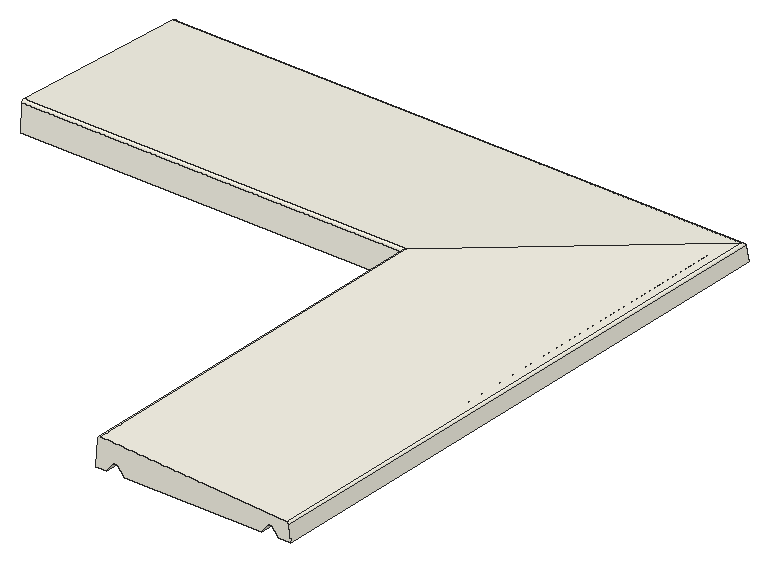
Revit family "Albardilla MB escuadra EXT. C-1", category Modelos genéricos, Revit 2020
Family settings
  Puede alojar armadura = No
  Cota de conector redondo = Diámetro de uso
  Tipo de pieza = Normal
  Se basa en plano de trabajo = No
  Siempre vertical = No
  Corte con vacíos al cargar = No
  Compartido = No
  Punto de cálculo de habitación = No
Parameters (values of type "MB12EE")
  Dist. primer anclaje +30 = 150 mm - (Ancho / 10)  # 138 mm
  Descripción = "Pieza de hormigón polímero con anclajes de acero inoxidable"
  Anclajes = (Ancho total / 2)  # 85 mm
  Ancho escuadra = if(Ancho > 500 mm, 535 mm, 500 mm)  # 500 mm
  Ancho dos dist. = (Ancho total / 4)  # 42.5 mm
  Ancho dos = Ancho total / 2  # 85 mm
  Visible una linea = if(Ancho > 290 mm, 2 = 3, 2 = 2)  # yes
  Visible dos líneas = if(Ancho > 290 mm, 2 = 2, 2 = 3)  # no
  URL = "https://www.ulmaarchitectural.com/es-es"
  Modelo = "Albardilla MB12 en escuadra exterior"
  Material = Hormigón polímero STONEO. Color C-1
  Fabricante = "ULMA Architectural Solutions"
  Elevación por defecto = 0 mm
  Dist. entre anclajes [instance] = 440 mm  # constant formula
  Dist primer anclaje [instance] = 150 mm  # constant formula
  Código de montaje = "MB12EE"
  Ancho total = Ancho + 50 mm  # 170 mm
  Ancho = 120 mm
Types (11, lengths in mm): name | Dist. primer anclaje +30 | Anclajes | Ancho dos dist. | Ancho dos | Visible una linea | Visible dos líneas | Modelo | Código de montaje | Ancho total | Ancho
  (no name) | 138 | 85 | 42.5 | 85 | yes | no | "Albardilla MB12 en escuadra exterior" | "MB12EE" | 170 | 120
  MB12EE | 138 | 85 | 42.5 | 85 | yes | no | "Albardilla MB12 en escuadra exterior" | "MB12EE" | 170 | 120
  MB14EE | 136 | 95 | 47.5 | 95 | yes | no | "Albardilla MB14 en escuadra exterior" | "MB14EE" | 190 | 140
  MB17EE | 133 | 110 | 55 | 110 | yes | no | "Albardilla MB17 en escuadra exterior" | "MB17EE" | 220 | 170
  MB19EE | 131 | 120 | 60 | 120 | yes | no | "Albardilla MB19 en escuadra exterior" | "MB19EE" | 240 | 190
  MB22EE | 128 | 135 | 67.5 | 135 | yes | no | "Albardilla MB22 en escuadra exterior" | "MB22EE" | 270 | 220
  MB25EE | 125 | 150 | 75 | 150 | yes | no | "Albardilla MB25 en escuadra exterior" | "MB25EE" | 300 | 250
  MB30EE | 120 | 175 | 87.5 | 175 | no | yes | "Albardilla MB30 en escuadra exterior" | "MB30EE" | 350 | 300
  MB35EE | 115 | 200 | 100 | 200 | no | yes | "Albardilla MB35 en escuadra exterior" | "MB35EE" | 400 | 350
  MB40EE | 110 | 225 | 112.5 | 225 | no | yes | "Albardilla MB40 en escuadra exterior" | "MB40EE" | 450 | 400
  MB27EE | 123 | 160 | 80 | 160 | yes | no | "Albardilla MB27 en escuadra exterior" | "MB27EE" | 320 | 270
Reference planes
  plane 1 "Centro (Frontal/Posterior)": y = 0
  plane 2: z = 0
  plane 3 "Centro (Izquierda/Derecha)": x = 0
  plane 4: y = -85
  plane 5: x = -85
  plane 6: y = -42.5
  plane 7: y = -85
  plane 8: x = -127.5
  plane 9: x = -42.5
Forms (mm)
  Sweep 1, solid, material "Hormigón polímero STONEO. Color C-1" <- "Material"
    path origin (0, 0, 0) x (1, 0, 0) y (0, 1, 0)
      loop
        line (0, -500) -> (0, 0) -> (-500, 0)
    profile origin (0, -250, 0) x (-1, 0, 0) y (0, 0, 1)
      loop
        line (0, 0) -> (10, 0) -> (15.95, 7.298)
        arc (15.95, 7.298) -> (17.5, 8.035) -> (19.05, 7.298) r 2
        line (19.05, 7.298) -> (25, 0) -> (145, 0) -> (150.95, 7.298)
        arc (150.95, 7.298) -> (152.5, 8.035) -> (154.05, 7.298) r 2
        line (154.05, 7.298) -> (160, 0) -> (170, 0) -> (167.982, 23.061)
        arc (167.982, 23.061) -> (167.296, 24.401) -> (165.87, 24.883) r 2
        line (165.87, 24.883) -> (3.052, 15.088)
        arc (3.052, 15.088) -> (1.765, 14.53) -> (1.16, 13.264) r 2
        line (1.16, 13.264) -> (0, 0)
Dimensions and locks
  "Ancho escuadra": Sweep 1 sketch curve to plane 3 "Centro (Izquierda/Derecha)"
  "Ancho escuadra": Sweep 1 sketch curve to plane 1 "Centro (Frontal/Posterior)"
  Sweep 1 sketch curve to profile plane = 8.035 mm  (x2)
  profile plane to Sweep 1 sketch curve to Sweep 1 sketch curve = 10 mm, 15 mm
  "Anclajes": plane 1 "Centro (Frontal/Posterior)" to plane 4
  "Anclajes": plane 5 to plane 3 "Centro (Izquierda/Derecha)"
  "Dist primer anclaje": nested 1 to Sweep 1
  "Dist primer anclaje": Sweep 1 to nested 2
  "Ancho dos dist.": plane 6 to plane 7
  "Ancho dos": plane 8 to plane 9
  "Ancho dos dist.": plane 1 "Centro (Frontal/Posterior)" to plane 6
  "Ancho dos dist.": plane 9 to plane 3 "Centro (Izquierda/Derecha)"
  "Dist. primer anclaje +30": nested 3 to Sweep 1
  "Dist. primer anclaje +30": nested 4 to Sweep 1
  "Dist. primer anclaje +30": Sweep 1 to nested 7
  "Dist. primer anclaje +30": Sweep 1 to nested 8
  Sweep 1 sketch curve to Sweep 1 sketch curve to Sweep 1 sketch curve = 10 mm, 15 mm
  "Ancho total": profile plane to Sweep 1 sketch curve
  Sweep 1 sketch curve to profile plane = 13.264 mm
  Sweep 1 sketch curve to level = 24.883 mm
  radius of Sweep 1 sketch curve = 2 mm  (x2)
  angle profile plane to Sweep 1 sketch curve = 85.00°
  angle Sweep 1 sketch curve to profile plane = 85.00°
  aligned and locked: level to plane 2
  aligned and locked: Sweep 1 sketch curve to plane 1 "Centro (Frontal/Posterior)"
  aligned and locked: plane 3 "Centro (Izquierda/Derecha)" to Sweep 1 sketch curve
  aligned and locked: profile plane to Sweep 1 sketch curve  (x2)
  aligned and locked: plane 4 to nested 2
  aligned and locked: plane 5 to nested 1
  aligned and locked: plane 9 to nested 3
  aligned and locked: plane 8 to nested 4
  aligned and locked: plane 9 to nested 6
  aligned and locked: nested 6 to plane 4
  aligned and locked: nested 5 to plane 4
  aligned and locked: plane 7 to nested 8
  aligned and locked: plane 6 to nested 7
  aligned and locked: plane 5 to nested 5
  aligned and locked: level to nested 3
  aligned and locked: level to nested 5
  aligned and locked: level to nested 6
  aligned and locked: level to nested 4
  aligned and locked: level to nested 8
  aligned and locked: level to nested 7
Automatic sketch dimensions
  Sweep 1 sketch curve to level = 0 mm  (x2)
  Sweep 1 sketch curve to Sweep 1 sketch curve = 1.892 mm
  Sweep 1 sketch curve to Sweep 1 sketch curve = 1.992 mm  (x2)
  level to Sweep 1 sketch curve = 7.298 mm  (x4)
  Sweep 1 sketch curve to Sweep 1 sketch curve = 5.95 mm  (x2)
  Sweep 1 sketch curve to Sweep 1 sketch curve = 1.55 mm  (x2)
  Sweep 1 sketch curve to Sweep 1 sketch curve = 0.12 mm
Nested families
  nested 1: "Anclaje imposta" at (-85, -350, 0), visible <- "Visible una linea", type "Anclaje inoxidable estándar"
  nested 2: "Anclaje imposta" at (-350, -85, 0) x (0, 1, 0) z (0, 0, 1), visible <- "Visible una linea", type "Anclaje inoxidable estándar"
  nested 3: "Anclaje imposta" at (-42.5, -362, 0), visible <- "Visible dos líneas", type "Anclaje inoxidable estándar"
  nested 4: "Anclaje imposta" at (-127.5, -362, 0), visible <- "Visible dos líneas", type "Anclaje inoxidable estándar"
  nested 5: "Anclaje imposta" at (-85, -85, 0), type "Anclaje inoxidable estándar"
  nested 6: "Anclaje imposta" at (-42.5, -85, 0), visible <- "Visible dos líneas", type "Anclaje inoxidable estándar"
  nested 7: "Anclaje imposta" at (-362, -42.5, 0) x (0, 1, 0) z (0, 0, 1), visible <- "Visible dos líneas", type "Anclaje inoxidable estándar"
  nested 8: "Anclaje imposta" at (-362, -85, 0) x (0, 1, 0) z (0, 0, 1), visible <- "Visible dos líneas", type "Anclaje inoxidable estándar"
Definition of nested family "Anclaje imposta"
  Parameters (values of type "Anclaje inoxidable estándar")
    URL = "https://www.ulmaarchitectural.com/es-es"
    Model = "Sujeción anclaje inoxidable estándar SPE"
    Material = none
    Manufacturer = "ULMA"
    Default Elevation = 0 mm
    Assembly Code = "901250015"
  Reference planes
    plane 1 "Centro (Frontal/Posterior)": y = 0
    plane 2: z = 0
    plane 3 "Centro (Izquierda/Derecha)": x = 0
  Dimensions and locks
    equal spacing: import instance, plane 3 "Centro (Izquierda/Derecha)", import instance
    aligned and locked: level to plane 2
    aligned and locked: level to import instance
